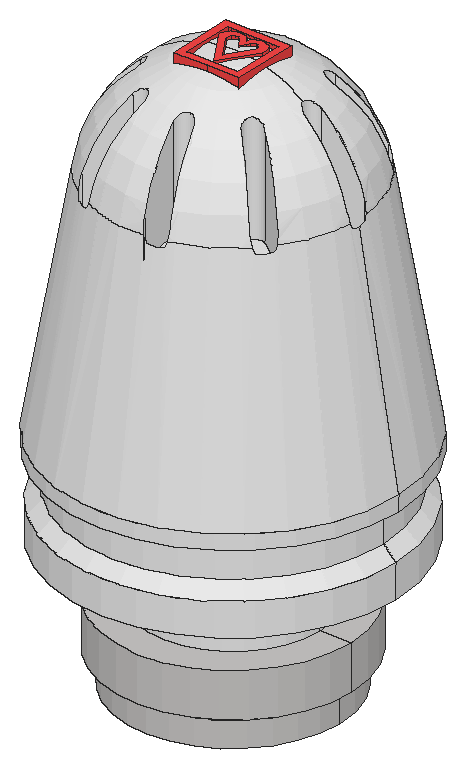
Revit family "HERZ-Mini-GS-Design-Thermostatic Sensor M28x1.5 9200 03", category Rohrzubehör, Revit 2021
Family settings
  Bemaßung runder Anschluss = Durchmesser verwenden
  Teiletyp = Normal
  OmniClass-Nummer = 23.65.55.14
  OmniClass-Titel = Valves for Liquid Services
  Arbeitsebenenbasiert = Nein
  Immer vertikal = Nein
  Beim Laden mit Abzugskörper schneiden = Nein
  Gemeinsam genutzt = Nein
Parameters
  Vorgabe-Ansicht = 0 mm
  URL = "www.herzvalves.com"
  Set value range = "0-30°C"  # constant formula
  S02 = 60 mm  # constant formula
  S01 = 73 mm  # constant formula
  Part number = 1920003  # constant formula
  Shut off zero position = "When set to \"0\", the thermostatic valve is shut off and the frost protection is disabled."
  Operation = "The HERZ thermostat serves as a sensing and control element.\r\nThe volumetric change of the liquid filling in the HERZ hydrosensor moves the thrust spindle of the valve."
  Hersteller = "HERZ Armaturen Ges.m.b.H."  # constant formula
  Hand wheel = "plastic, white"  # constant formula
  Frost protection = 6 °C  # constant formula
  Frost protection setpoint range = "6-30°C"  # constant formula
  Frost protection * = "When set to *, the valve automatically opens at approx.\r\n6 ° C ambient temperature and prevents the system from freezing"
  Application = "For mounting on valves that are designed for thermostatic operation."
Reference planes
  plane 1 "Mitte (Vorne/hinten)": y = 0
  plane 2: z = 0
  plane 3 "Mitte (Links/rechts)": x = 0
Forms (mm)
  Revolve 1, solid, material "Kunststoff weiß", detail levels fine
    sketch origin (0, 0, 0) x (1, 0, 0) y (0, 0, 1)
      loop
        line (0, 0) -> (0, 73)
        arc (0, 73) -> (-11.397, 68.78) -> (-17.297, 58.156) r 17.5
        arc (-17.297, 58.156) -> (-20.011, 42.065) -> (-22.88, 26) r 1681.293
        line (-22.88, 26) -> (-22.88, 24) -> (-20.75, 24) -> (-20.75, 19.25) -> (-22.5, 17.5) -> (-22.5, 13) -> (-12.8, 13)
        arc (-12.8, 13) -> (-12.234, 12.766) -> (-12, 12.2) r 0.8
        line (-12, 12.2) -> (-12, 4.8) -> (-13.2, 4.8) -> (-13.2, 0) -> (0, 0)
      axis (0, 73) -> (0, 0)
    angle from 0 to 360
  Revolve 2, solid, material "Messing verzinkt", detail levels fine
    sketch origin (0, 0, 0) x (1, 0, 0) y (0, 0, 1)
      loop
        line (0, 0) -> (0, 5.5) -> (-16.35, 5.5) -> (-16.35, -0.576) -> (-14.75, -1.5) -> (-14.75, -5) -> (-13.35, -5) -> (-13.35, 0) -> (0, 0)
      axis (0, 5.5) -> (0, -5)
    angle from 0 to 360
  Extrusion 3, void
    sketch origin (0, 0, 0) x (1, 0, 0) y (0, 1, 0)
      loop
        arc (11.027, 1.298) -> (9.8, 0) -> (11.027, -1.298) r 1.3
        line (11.027, -1.298) -> (16.77, -1.62)
        arc (16.77, -1.62) -> (17.178, -1.485) -> (17.384, -1.107) r 0.586
        arc (17.384, -1.107) -> (17.453, 0.011) -> (17.382, 1.129) r 9
        arc (17.382, 1.129) -> (17.183, 1.492) -> (16.79, 1.621) r 0.564
        line (16.79, 1.621) -> (11.027, 1.298)
      loop
        line (9.282, 6.094) -> (13.904, 9.55)
        arc (13.904, 9.55) -> (14.121, 9.902) -> (14.04, 10.308) r 0.564
        arc (14.04, 10.308) -> (13.376, 11.21) -> (12.605, 12.023) r 9
        arc (12.605, 12.023) -> (12.205, 12.18) -> (11.805, 12.021) r 0.586
        line (11.805, 12.021) -> (7.613, 8.082)
        arc (7.613, 8.082) -> (7.507, 6.299) -> (9.282, 6.094) r 1.3
      loop
        arc (0.637, 11.085) -> (1.702, 9.651) -> (3.193, 10.634) r 1.3
        line (3.193, 10.634) -> (4.508, 16.234)
        arc (4.508, 16.234) -> (4.445, 16.659) -> (4.109, 16.928) r 0.586
        arc (4.109, 16.928) -> (3.02, 17.189) -> (1.907, 17.313) r 9
        arc (1.907, 17.313) -> (1.515, 17.181) -> (1.319, 16.816) r 0.564
        line (1.319, 16.816) -> (0.637, 11.085)
      loop
        line (-4.39, 10.199) -> (-6.991, 15.351)
        arc (-6.991, 15.351) -> (-7.3, 15.626) -> (-7.713, 15.617) r 0.564
        arc (-7.713, 15.617) -> (-8.717, 15.12) -> (-9.651, 14.501) r 9
        arc (-9.651, 14.501) -> (-9.875, 14.134) -> (-9.788, 13.713) r 0.586
        line (-9.788, 13.713) -> (-6.638, 8.901)
        arc (-6.638, 8.901) -> (-4.9, 8.487) -> (-4.39, 10.199) r 1.3
      loop
        arc (-10.806, 2.552) -> (-9.209, 3.352) -> (-9.918, 4.991) r 1.3
        line (-9.918, 4.991) -> (-15.204, 7.258)
        arc (-15.204, 7.258) -> (-15.634, 7.271) -> (-15.957, 6.986) r 0.586
        arc (-15.957, 6.986) -> (-16.404, 5.959) -> (-16.719, 4.884) r 9
        arc (-16.719, 4.884) -> (-16.657, 4.475) -> (-16.332, 4.219) r 0.564
        line (-16.332, 4.219) -> (-10.806, 2.552)
      loop
        line (-10.806, -2.552) -> (-16.332, -4.219)
        arc (-16.332, -4.219) -> (-16.657, -4.475) -> (-16.719, -4.884) r 0.564
        arc (-16.719, -4.884) -> (-16.404, -5.959) -> (-15.957, -6.986) r 9
        arc (-15.957, -6.986) -> (-15.634, -7.271) -> (-15.204, -7.258) r 0.586
        line (-15.204, -7.258) -> (-9.918, -4.991)
        arc (-9.918, -4.991) -> (-9.209, -3.352) -> (-10.806, -2.552) r 1.3
      loop
        arc (9.282, -6.094) -> (7.507, -6.299) -> (7.613, -8.082) r 1.3
        line (7.613, -8.082) -> (11.805, -12.021)
        arc (11.805, -12.021) -> (12.205, -12.18) -> (12.605, -12.023) r 0.586
        arc (12.605, -12.023) -> (13.376, -11.21) -> (14.04, -10.308) r 9
        arc (14.04, -10.308) -> (14.121, -9.902) -> (13.904, -9.55) r 0.564
        line (13.904, -9.55) -> (9.282, -6.094)
      loop
        line (0.637, -11.085) -> (1.319, -16.816)
        arc (1.319, -16.816) -> (1.515, -17.181) -> (1.907, -17.313) r 0.564
        arc (1.907, -17.313) -> (3.02, -17.189) -> (4.109, -16.928) r 9
        arc (4.109, -16.928) -> (4.445, -16.659) -> (4.508, -16.234) r 0.586
        line (4.508, -16.234) -> (3.193, -10.634)
        arc (3.193, -10.634) -> (1.702, -9.651) -> (0.637, -11.085) r 1.3
      loop
        arc (-4.39, -10.199) -> (-4.9, -8.487) -> (-6.638, -8.901) r 1.3
        line (-6.638, -8.901) -> (-9.788, -13.713)
        arc (-9.788, -13.713) -> (-9.875, -14.134) -> (-9.651, -14.501) r 0.586
        arc (-9.651, -14.501) -> (-8.717, -15.12) -> (-7.713, -15.617) r 9
        arc (-7.713, -15.617) -> (-7.3, -15.626) -> (-6.991, -15.351) r 0.564
        line (-6.991, -15.351) -> (-4.39, -10.199)
    from 55 to 73
Cuts and joins
  Extrusion 3 cuts Revolve 1
Lines and regions (mm)
  model lines, detail levels coarse+medium
    curve 1: line (0, 0, 0) -> (0, 0, 13)
    curve 2: line (0, -0.017, 0) -> (0, 13, 0)
    curve 3: circle (0, 0, 43) r 30 normal (0, -1, 0)
    curve 4: circle (0, 0, 43) r 30 normal (1, 0, 0)
    curve 5: line (0, 0, 23) -> (0, 0, 63)
    curve 6: line (0, -17.5, 63) -> (0, 17.5, 63)
    curve 7: line (0, 0, 23) -> (0, 0, 63)
    curve 8: line (-17.5, 0, 63) -> (17.5, 0, 63)
    curve 9: circle (0, 43, 0) r 30 normal (0, 0, 1)
    curve 10: line (0, 23, 0) -> (0, 63, 0)
    curve 11: line (-17.5, 63, 0) -> (17.5, 63, 0)
Dimensions and locks
  "S01": curve 4 to plane 2
  "S01": curve 3 to plane 2
  "S01": plane 1 "Mitte (Vorne/hinten)" to curve 9
  "S02": diameter of curve 3
  "S02": diameter of curve 4
  "S02": diameter of curve 9
  aligned and locked: level to plane 2
Automatic sketch dimensions
  Revolve 1 sketch curve to level = 0 mm
  Revolve 1 sketch curve to plane 3 "Mitte (Links/rechts)" = 0 mm  (x2)
  Revolve 1 sketch curve to plane 3 "Mitte (Links/rechts)" = 12 mm
  Revolve 1 sketch curve to Revolve 1 sketch curve = 0.8 mm
  Revolve 1 sketch curve to Revolve 1 sketch curve = 1.2 mm
  Revolve 1 sketch curve to Revolve 1 sketch curve = 7.95 mm
  Revolve 1 sketch curve to Revolve 1 sketch curve = 1.75 mm  (x2)
  Revolve 1 sketch curve to Revolve 1 sketch curve = 2.13 mm
  level to Revolve 1 sketch curve = 329.658 mm
  Revolve 1 sketch curve to plane 3 "Mitte (Links/rechts)" = 1676.524 mm
  level to Revolve 1 sketch curve = 4.8 mm
  Revolve 1 sketch curve to Revolve 1 sketch curve = 7.4 mm
  Revolve 1 sketch curve to Revolve 1 sketch curve = 4.5 mm
  Revolve 1 sketch curve to Revolve 1 sketch curve = 4.75 mm
  Revolve 1 sketch curve to Revolve 1 sketch curve = 2 mm
  Revolve 1 sketch curve to Revolve 1 sketch curve = 29.5 mm
  Revolve 1 sketch curve to Revolve 1 sketch curve = 17.5 mm
  Revolve 1 sketch curve to level = 366.045 mm
  Revolve 1 sketch curve to Revolve 1 sketch curve = 2141.315 mm
  Revolve 2 sketch curve to level = 0 mm
  Revolve 2 sketch curve to plane 3 "Mitte (Links/rechts)" = 0 mm  (x2)
  Revolve 2 sketch curve to level = 5 mm
  Revolve 2 sketch curve to plane 3 "Mitte (Links/rechts)" = 13.35 mm
  Revolve 2 sketch curve to Revolve 2 sketch curve = 1.4 mm
  Revolve 2 sketch curve to level = 0.576 mm
  Revolve 2 sketch curve to Revolve 2 sketch curve = 1.6 mm
  Revolve 2 sketch curve to level = 1.5 mm
  level to Revolve 2 sketch curve = 5.5 mm
  Revolve 2 sketch curve to Revolve 2 sketch curve = 361.045 mm
  Revolve 2 sketch curve to Revolve 2 sketch curve = 2208.815 mm
  plane 1 "Mitte (Vorne/hinten)" to Extrusion 3 sketch curve = 0 mm  (x2)
  Extrusion 3 sketch curve to plane 1 "Mitte (Vorne/hinten)" = 4.219 mm
  Extrusion 3 sketch curve to plane 3 "Mitte (Links/rechts)" = 16.332 mm
  plane 1 "Mitte (Vorne/hinten)" to Extrusion 3 sketch curve = 4.219 mm
  Extrusion 3 sketch curve to Extrusion 3 sketch curve = 0 mm  (x11)
  Extrusion 3 sketch curve to Extrusion 3 sketch curve = 0.163 mm  (x2)
  Extrusion 3 sketch curve to Extrusion 3 sketch curve = 0.734 mm  (x2)
  plane 1 "Mitte (Vorne/hinten)" to Extrusion 3 sketch curve = 7.258 mm
  Extrusion 3 sketch curve to Extrusion 3 sketch curve = 0.231 mm  (x2)
  Extrusion 3 sketch curve to plane 1 "Mitte (Vorne/hinten)" = 7.258 mm
  plane 1 "Mitte (Vorne/hinten)" to Extrusion 3 sketch curve = 2.552 mm
  Extrusion 3 sketch curve to Extrusion 3 sketch curve = 5.526 mm
  Extrusion 3 sketch curve to plane 1 "Mitte (Vorne/hinten)" = 2.552 mm
  Extrusion 3 sketch curve to Extrusion 3 sketch curve = 0.375 mm  (x2)
  Extrusion 3 sketch curve to Extrusion 3 sketch curve = 0.512 mm  (x2)
  Extrusion 3 sketch curve to Extrusion 3 sketch curve = 5.416 mm  (x2)
  Extrusion 3 sketch curve to Extrusion 3 sketch curve = 0.49 mm  (x2)
  Extrusion 3 sketch curve to Extrusion 3 sketch curve = 2.488 mm  (x2)
  Extrusion 3 sketch curve to Extrusion 3 sketch curve = 1.803 mm  (x2)
  Extrusion 3 sketch curve to Extrusion 3 sketch curve = 0.504 mm  (x2)
  Extrusion 3 sketch curve to Extrusion 3 sketch curve = 3.281 mm  (x2)
  Extrusion 3 sketch curve to Extrusion 3 sketch curve = 1.088 mm  (x2)
  Extrusion 3 sketch curve to Extrusion 3 sketch curve = 1.16 mm  (x2)
  Extrusion 3 sketch curve to Extrusion 3 sketch curve = 1.324 mm  (x2)
  plane 3 "Mitte (Links/rechts)" to Extrusion 3 sketch curve = 0.637 mm  (x2)
  plane 3 "Mitte (Links/rechts)" to Extrusion 3 sketch curve = 1.319 mm  (x2)
  plane 3 "Mitte (Links/rechts)" to Extrusion 3 sketch curve = 1.468 mm  (x2)
  Extrusion 3 sketch curve to Extrusion 3 sketch curve = 0.561 mm  (x2)
  Extrusion 3 sketch curve to Extrusion 3 sketch curve = 1.291 mm  (x2)
  Extrusion 3 sketch curve to Extrusion 3 sketch curve = 1.266 mm  (x2)
  Extrusion 3 sketch curve to Extrusion 3 sketch curve = 2.058 mm  (x2)
  Extrusion 3 sketch curve to Extrusion 3 sketch curve = 0.57 mm  (x2)
  Extrusion 3 sketch curve to Extrusion 3 sketch curve = 5.007 mm  (x2)
  Extrusion 3 sketch curve to Extrusion 3 sketch curve = 1.138 mm  (x2)
  Extrusion 3 sketch curve to Extrusion 3 sketch curve = 1.978 mm
  Extrusion 3 sketch curve to Extrusion 3 sketch curve = 0.89 mm  (x2)
  Extrusion 3 sketch curve to Extrusion 3 sketch curve = 0.779 mm  (x2)
  plane 1 "Mitte (Vorne/hinten)" to Extrusion 3 sketch curve = 1.298 mm
  Extrusion 3 sketch curve to Extrusion 3 sketch curve = 2.575 mm
  Extrusion 3 sketch curve to Extrusion 3 sketch curve = 0.073 mm
  Extrusion 3 sketch curve to Extrusion 3 sketch curve = 4.192 mm  (x2)
  Extrusion 3 sketch curve to Extrusion 3 sketch curve = 0.401 mm  (x2)
  Extrusion 3 sketch curve to Extrusion 3 sketch curve = 1.36 mm  (x2)
  Extrusion 3 sketch curve to Extrusion 3 sketch curve = 0.338 mm  (x2)
  plane 1 "Mitte (Vorne/hinten)" to Extrusion 3 sketch curve = 1.62 mm
  Extrusion 3 sketch curve to Extrusion 3 sketch curve = 5.743 mm
  Extrusion 3 sketch curve to plane 1 "Mitte (Vorne/hinten)" = 1.621 mm
  Extrusion 3 sketch curve to Extrusion 3 sketch curve = 0.02 mm
  Extrusion 3 sketch curve to Extrusion 3 sketch curve = 0.033 mm
  Extrusion 3 sketch curve to Extrusion 3 sketch curve = 0.032 mm
  plane 1 "Mitte (Vorne/hinten)" to Extrusion 3 sketch curve = 7.32 mm
  Extrusion 3 sketch curve to Extrusion 3 sketch curve = 6.784 mm
  Extrusion 3 sketch curve to Extrusion 3 sketch curve = 1.004 mm
  Extrusion 3 sketch curve to Extrusion 3 sketch curve = 1.581 mm  (x2)
  Extrusion 3 sketch curve to Extrusion 3 sketch curve = 1.468 mm
  Extrusion 3 sketch curve to Extrusion 3 sketch curve = 0.712 mm  (x2)
  Extrusion 3 sketch curve to Extrusion 3 sketch curve = 0.452 mm  (x2)
  Extrusion 3 sketch curve to Extrusion 3 sketch curve = 2.31 mm  (x2)
  Extrusion 3 sketch curve to Extrusion 3 sketch curve = 0.297 mm  (x2)
  Extrusion 3 sketch curve to Extrusion 3 sketch curve = 1.591 mm  (x2)
  Extrusion 3 sketch curve to Extrusion 3 sketch curve = 0.427 mm  (x2)
  Extrusion 3 sketch curve to Extrusion 3 sketch curve = 4.812 mm  (x2)
  Extrusion 3 sketch curve to Extrusion 3 sketch curve = 0.321 mm  (x2)
  Extrusion 3 sketch curve to Extrusion 3 sketch curve = 1.063 mm  (x2)
  Extrusion 3 sketch curve to Extrusion 3 sketch curve = 0.254 mm  (x2)
  Extrusion 3 sketch curve to Extrusion 3 sketch curve = 5.599 mm  (x2)
  Extrusion 3 sketch curve to Extrusion 3 sketch curve = 0.134 mm  (x2)
  Extrusion 3 sketch curve to Extrusion 3 sketch curve = 0.382 mm  (x2)
  Extrusion 3 sketch curve to Extrusion 3 sketch curve = 0.067 mm  (x2)
  Extrusion 3 sketch curve to Extrusion 3 sketch curve = 0.947 mm
  Extrusion 3 sketch curve to Extrusion 3 sketch curve = 0.539 mm  (x2)
  Extrusion 3 sketch curve to Extrusion 3 sketch curve = 1.702 mm
  Extrusion 3 sketch curve to Extrusion 3 sketch curve = 2.439 mm
  Extrusion 3 sketch curve to Extrusion 3 sketch curve = 0.54 mm  (x2)
  Extrusion 3 sketch curve to Extrusion 3 sketch curve = 0.905 mm
  Extrusion 3 sketch curve to Extrusion 3 sketch curve = 0.585 mm
  Extrusion 3 sketch curve to Extrusion 3 sketch curve = 0.564 mm
  Extrusion 3 sketch curve to Extrusion 3 sketch curve = 0.339 mm
  Extrusion 3 sketch curve to Extrusion 3 sketch curve = 1.245 mm
  Extrusion 3 sketch curve to plane 1 "Mitte (Vorne/hinten)" = 5.433 mm
  Extrusion 3 sketch curve to Extrusion 3 sketch curve = 0.661 mm
  Extrusion 3 sketch curve to Extrusion 3 sketch curve = 1.041 mm
  Extrusion 3 sketch curve to Extrusion 3 sketch curve = 4.429 mm
  Extrusion 3 sketch curve to Extrusion 3 sketch curve = 2.891 mm
  Extrusion 3 sketch curve to Extrusion 3 sketch curve = 3.456 mm
  Extrusion 3 sketch curve to plane 1 "Mitte (Vorne/hinten)" = 1.298 mm  (x2)
  curve 5 to plane 1 "Mitte (Vorne/hinten)" = 0 mm
  curve 4 to plane 1 "Mitte (Vorne/hinten)" = 0 mm
  plane 1 "Mitte (Vorne/hinten)" to curve 6 = 17.5 mm
  curve 5 to curve 6 = 17.5 mm
  curve 5 to curve 4 = 20 mm
  curve 4 to curve 6 = 20 mm
  curve 3 to plane 3 "Mitte (Links/rechts)" = 0 mm
  curve 7 to plane 3 "Mitte (Links/rechts)" = 0 mm
  curve 1 to plane 3 "Mitte (Links/rechts)" = 0 mm
  curve 1 to level = 0 mm
  curve 8 to curve 7 = 17.5 mm
  plane 3 "Mitte (Links/rechts)" to curve 8 = 17.5 mm
  curve 1 to curve 7 = 10 mm
  curve 3 to curve 8 = 20 mm
  curve 9 to plane 3 "Mitte (Links/rechts)" = 0 mm
  curve 10 to plane 3 "Mitte (Links/rechts)" = 0 mm
  curve 2 to plane 3 "Mitte (Links/rechts)" = 0 mm
  curve 11 to curve 10 = 17.5 mm
  plane 3 "Mitte (Links/rechts)" to curve 11 = 17.5 mm
  plane 1 "Mitte (Vorne/hinten)" to curve 2 = 0.017 mm
  curve 2 to curve 10 = 10 mm
  curve 9 to curve 11 = 20 mm
Nested families
  nested 1: "Herz-Logo" at (0, 0, 71.5), type "Herz-Logo", detail levels fine
Definition of nested family "Herz-Logo"
  Parameters (values of type "Herz-Logo")
    Default Elevation = 0 mm
  Reference planes
    plane 1 "Mitte (Vorne/hinten)": y = 0
    plane 2: z = 0
    plane 3 "Mitte (Links/rechts)": x = 0
  Forms (mm)
    Extrusion 1, solid
      sketch origin (0, 0, 0) x (1, 0, 0) y (0, 1, 0)
        loop
          line (-0.018, -4.517) -> (4.482, -4.517) -> (4.482, 4.483) -> (-4.518, 4.483) -> (-4.518, -4.517) -> (-0.018, -4.517)
        loop
          line (-0.05, -3.48) -> (3.482, -3.48) -> (3.482, 3.483) -> (-3.518, 3.483) -> (-3.518, -3.48) -> (-0.05, -3.48)
        loop
          arc (-0.018, 2.383) -> (-1.543, 3.287) -> (-3.067, 2.383) r 1.738
          arc (-3.067, 2.383) -> (-3.191, 1.899) -> (-3.067, 1.415) r 1.009
          line (-3.067, 1.415) -> (-0.018, -3.281) -> (3.032, 1.415)
          arc (3.032, 1.415) -> (3.156, 1.899) -> (3.032, 2.383) r 1.009
          arc (3.032, 2.383) -> (1.507, 3.287) -> (-0.018, 2.383) r 1.738
        loop
          arc (1.885, 1.272) -> (2.005, 1.675) -> (1.885, 2.079) r 0.74
          arc (1.885, 2.079) -> (1.265, 2.416) -> (0.644, 2.079) r 0.74
          line (0.644, 2.079) -> (-0.018, 0.97) -> (-0.679, 2.079)
          arc (-0.679, 2.079) -> (-1.3, 2.416) -> (-1.921, 2.079) r 0.74
          arc (-1.921, 2.079) -> (-2.04, 1.675) -> (-1.921, 1.272) r 0.74
          line (-1.921, 1.272) -> (-0.018, -1.658) -> (1.885, 1.272)
      from 0 to 1.5
  Dimensions and locks
    aligned and locked: level to plane 2
